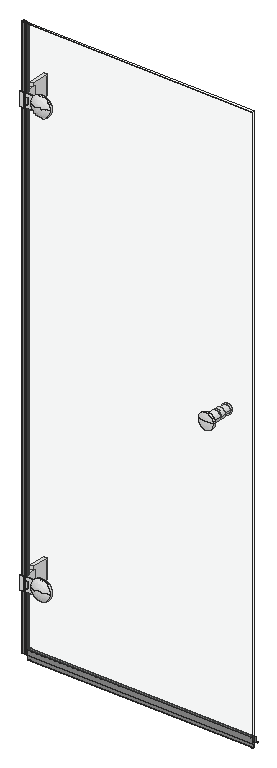
Revit family "Sanitary_Shower-screens_Duscholux_Pure-Style_Auriga_Separator-Pivot-door-bath", category Plumbing Fixtures, Revit 2016
Family settings
  Part Type = Normal
  Round Connector Dimension = Use Diameter
  OmniClass Number = 23.45.00.00
  OmniClass Title = Sanitary, Laundry, and Cleaning Equipment
  Work Plane-Based = No
  Always vertical = Yes
  Cut with Voids When Loaded = No
  Shared = No
  Room Calculation Point = No
Parameters (values of type "Silver Matt Aluminium Finish")
  Width = 600 mm
  Uniclass 2015 Description = "Shower Enclosures"
  Uniclass 2015 Code = "PR-40-20-06-79"
  URL = "http://www.duscholux.es/"
  UNSPSC Code = "30181507"
  Thickness Glass = 6 mm  # constant formula
  Technical Inspection Certificate (Applus) = "http://www.duscholux.es/resources/custom/var/APPLUS_en.pdf"
  Series = "Pure Style"
  Region South America = "Consult"
  Region Oceania = "Consult"
  Region North America = "Consult"
  Region Middle East = "Consult"
  Region Europe = "AD, ES, FR, PT"
  Region Asia = "Consult"
  Region Antartica = "Consult"
  Region Africa = "Consult"
  Ref. = "4GL / 4GR"
  Products = "http://www.duscholux.es/mamparas_filtro.aspx?es"
  Product group = "Separator for bath"
  Product family = "Pure Style"
  Openning angle = 0.00°
  Opening System Image = "http://blob.duscholux.es/pluma512/SBIzq1pabatible180.gif"
  Opening System = "Pivot Door"
  Net Weight (Kg) = 21
  NBS Reference Description = "Shower Enclosures"
  NBS Reference Code = "45-35-70"
  Model = "Auriga"
  Min Max Width = if(Width < 400 mm, 400 mm, if(Width > 1000 mm, 1000 mm, Width))  # 600 mm
  Min Max Openning angle = if(Openning angle < -90.00°, -90.00°, if(Openning angle > 90.00°, 90.00°, Openning angle))  # 0.00°
  Max Height = if(Height < 1400 mm, 1400 mm, if(Height > 1600 mm, 1600 mm, Height))  # 1500 mm
  Manufacturer name = "Duscholux Ibérica, S.A."
  Manufacturer country = "Spain"
  Maintenance and Cleaning = "http://www.duscholux.es/mamparas_limpieza.aspx?en"
  Image = "http://www.duscholux.es/resources/custom/img/mamparas/PURE%20STYLE/modelos/0F1PSBA/mampara_h.jpg"
  IFC Classification = "Furnishing Element"
  Height = 1500 mm
  Handle Material = Chrome_Finish
  Handle Height = (Max Height / 2) + Bath Height  # 1200 mm
  Glass in Building UNE EN 12150 = "CE Conformity marking"
  Glass Material = Glass_Material-Duscholux
  Frame Material = Silver Matt Aluminium Finish
  Fact Sheet = "http://blob.duscholux.es/enpdf2018/Auriga1PSB.pdf"
  Manufacturer = "Duscholux Ibérica, S.A."
  Environmental Management ISO 14001 = "ECOEMBES Certificate"
  Edition number = "1"
  Door aperture = Min Max Width - 4 mm  # 596 mm
  Design country = "Spain / Germany"
  Description = "Pivot door at 180° for bath"
  Date of publishing = ""
  Assembly Code = "C1030200"
  Configuration enclosure = "http://configuratumampara.duscholux.es/eCatalogo.aspx"
  Components = "Eropean components"
  Type Comments = ""
  Combinations = "Hinge and handle to choice (Round, square or triangular)"
  Certified Quality UNE EN 14428 = "http://www.duscholux.es/duscholux_downloads.aspx?es"
  COBIe Type Category = ""
  Brand = "Duscholux"
  Bath Height = 450 mm
  Accesories Material = Chrome_Finish
Types (3, lengths in mm): name | Width | Min Max Width | Max Height | Height | Handle Height | Frame Material | Door aperture | Bath Height
  (no name) | 600 | 600 | 1500 | 1500 | 1200 | Silver Matt Aluminium Finish | 596 | 450
  Silver Matt Aluminium Finish | 600 | 600 | 1500 | 1500 | 1200 | Silver Matt Aluminium Finish | 596 | 450
  Platinum Aluminium Finish | 700 | 700 | 1400 | 1300 | 1100 | Platinum Aluminium Finish | 696 | 400
Reference planes
  plane 1 "Centro (Frontal/Posterior)": y = 0
  plane 2: z = 0
  plane 3 "Centro (Izquierda/Derecha)": x = 0
  plane 4: z = 1950
  plane 5: z = 1200
  plane 6: z = 0
  plane 7: x = 4
  plane 8: y = 0
  plane 9: y = 6
  plane 10: x = 600
  plane 11: z = 450
  plane 12: z = 464
  plane 13: z = 630
  plane 14: z = 463
  plane 15: z = 1770
Forms (mm)
  Extrusion 1, solid, material "Glass_Material-Duscholux" <- "Glass Material"
    sketch origin (4, 0, 0) x (1, 0, 0) y (0, 1, 0)
      loop
        line (-4, 0) -> (596, 0) -> (596, 6) -> (-4, 6) -> (-4, 0)
    from 464 to 1950
  Extrusion 2, solid, material "Plástico, transparente"
    sketch origin (4, 0, 0) x (1, 0, 0) y (0, 1, 0)
      loop
        line (-12.6, -1.2) -> (1, -1.2) -> (1, -0.2) -> (-4, -0.2) -> (-4, 6.2) -> (1, 6.2) -> (1, 7.2) -> (-12.6, 7.2)
        arc (-12.6, 7.2) -> (-14, 3) -> (-12.6, -1.2) r 7
      loop
        line (-12.344, -0.7) -> (-5, -0.7) -> (-5, 6.7) -> (-12.344, 6.7)
        arc (-12.344, 6.7) -> (-13.5, 3) -> (-12.344, -0.7) r 6.5
    from 463 to 612.5
  Extrusion 3, solid, material "Plástico, transparente"
    sketch origin (4, 0, 0) x (1, 0, 0) y (0, 1, 0)
      loop
        line (-12.6, -1.2) -> (1, -1.2) -> (1, -0.2) -> (-4, -0.2) -> (-4, 6.2) -> (1, 6.2) -> (1, 7.2) -> (-12.6, 7.2)
        arc (-12.6, 7.2) -> (-14, 3) -> (-12.6, -1.2) r 7
      loop
        line (-12.344, -0.7) -> (-5, -0.7) -> (-5, 6.7) -> (-12.344, 6.7)
        arc (-12.344, 6.7) -> (-13.5, 3) -> (-12.344, -0.7) r 6.5
    from 647.5 to 1752.5
  Extrusion 4, solid, material "Plástico, transparente"
    sketch origin (4, 0, 0) x (1, 0, 0) y (0, 1, 0)
      loop
        line (-12.6, -1.2) -> (1, -1.2) -> (1, -0.2) -> (-4, -0.2) -> (-4, 6.2) -> (1, 6.2) -> (1, 7.2) -> (-12.6, 7.2)
        arc (-12.6, 7.2) -> (-14, 3) -> (-12.6, -1.2) r 7
      loop
        line (-12.344, -0.7) -> (-5, -0.7) -> (-5, 6.7) -> (-12.344, 6.7)
        arc (-12.344, 6.7) -> (-13.5, 3) -> (-12.344, -0.7) r 6.5
    from 1787.5 to 1950
Lines and regions (mm)
  reference lines
    curve 1: line (4, 0, 0) -> (600, 0, 0)
  symbolic lines
    curve 2: line (4, 0, 0) -> (4, 596, 0)
    curve 3: line (4, -321.399, 0) -> (4, 0, 0)
    curve 4: line (4, 0, 0) -> (4, -405, 0)
    curve 5: line (4, 0, 0) -> (4, -596, 0)
    curve 6: arc (4, 596, 0) -> (600, 0, 0) -> (4, -596, 0) r 596
Dimensions and locks
  locked: plane 3 "Centro (Izquierda/Derecha)" to plane 7 at 4
  locked: plane 12 to plane 11 at 14
  "Bath Height": plane 11 to level
  "Max Height": plane 4 to plane 11
  "Handle Height": plane 5 to level
  "Door aperture": curve 1 to curve 1
  locked: plane 13 to plane 11 at 180
  locked: plane 12 to plane 14 at 1
  "Min Max Width": plane 3 "Centro (Izquierda/Derecha)" to plane 10
  locked: plane 4 to plane 15 at 180
  locked: plane 15 to Extrusion 3 at 17.5
  locked: Extrusion 4 to plane 15 at 17.5
  locked: Extrusion 3 to plane 13 at 17.5
  locked: plane 13 to Extrusion 2 at 17.5
  locked: nested 6 to Extrusion 1 at 100
  "Door aperture": curve 2 to curve 2
  "Door aperture": curve 5 to curve 5
  "Min Max Openning angle": angle curve 1 to plane 8
  aligned and locked: level to plane 2
  aligned and locked: plane 7 to curve 1
  aligned and locked: plane 8 to curve 1
  aligned and locked: plane 4 to Extrusion 1
  aligned and locked: nested 5 to Extrusion 2
  aligned and locked: Extrusion 1 to Extrusion 4
  aligned and locked: Extrusion 1 to plane 12
  aligned and locked: nested 4 to plane 13
  aligned and locked: Extrusion 2 to plane 14
  aligned and locked: plane 15 to nested 2
  aligned and locked: nested 3 to plane 15
  aligned and locked: plane 13 to nested 1
  aligned and locked: nested 6 to plane 5
  aligned and locked: nested 7 to nested 6
  aligned and locked: nested 7 to plane 5
  aligned and locked: Extrusion 1 to nested 5
Automatic sketch dimensions
  Extrusion 1 sketch curve to curve 1 = 0 mm  (x2)
  curve 1 to Extrusion 1 sketch curve = 6 mm
  Extrusion 1 sketch curve to curve 1 = 4 mm
  Extrusion 2 sketch curve to Extrusion 2 sketch curve = 0 mm  (x3)
  Extrusion 2 sketch curve to curve 1 = 12.6 mm
  curve 1 to Extrusion 2 sketch curve = 1.2 mm
  Extrusion 2 sketch curve to Extrusion 2 sketch curve = 0.256 mm  (x2)
  Extrusion 2 sketch curve to Extrusion 2 sketch curve = 5.344 mm
  Extrusion 2 sketch curve to Extrusion 2 sketch curve = 2 mm
  curve 1 to Extrusion 2 sketch curve = 0.2 mm
  Extrusion 2 sketch curve to Extrusion 2 sketch curve = 1 mm
  curve 1 to Extrusion 2 sketch curve = 1 mm  (x2)
  curve 1 to Extrusion 2 sketch curve = 0.7 mm
  Extrusion 2 sketch curve to curve 1 = 3 mm
  curve 1 to Extrusion 2 sketch curve = 6.2 mm
  Extrusion 3 sketch curve to Extrusion 3 sketch curve = 0 mm  (x3)
  Extrusion 3 sketch curve to curve 1 = 12.6 mm
  curve 1 to Extrusion 3 sketch curve = 1.2 mm
  Extrusion 3 sketch curve to Extrusion 3 sketch curve = 0.256 mm  (x2)
  Extrusion 3 sketch curve to Extrusion 3 sketch curve = 5.344 mm
  Extrusion 3 sketch curve to Extrusion 3 sketch curve = 2 mm
  curve 1 to Extrusion 3 sketch curve = 0.2 mm
  Extrusion 3 sketch curve to Extrusion 3 sketch curve = 1 mm
  curve 1 to Extrusion 3 sketch curve = 1 mm  (x2)
  curve 1 to Extrusion 3 sketch curve = 0.7 mm
  Extrusion 3 sketch curve to curve 1 = 3 mm
  curve 1 to Extrusion 3 sketch curve = 6.2 mm
  Extrusion 4 sketch curve to Extrusion 4 sketch curve = 0 mm  (x3)
  Extrusion 4 sketch curve to curve 1 = 12.6 mm
  curve 1 to Extrusion 4 sketch curve = 1.2 mm
  Extrusion 4 sketch curve to Extrusion 4 sketch curve = 0.256 mm  (x2)
  Extrusion 4 sketch curve to Extrusion 4 sketch curve = 5.344 mm
  Extrusion 4 sketch curve to Extrusion 4 sketch curve = 2 mm
  curve 1 to Extrusion 4 sketch curve = 0.2 mm
  Extrusion 4 sketch curve to Extrusion 4 sketch curve = 1 mm
  curve 1 to Extrusion 4 sketch curve = 1 mm  (x2)
  curve 1 to Extrusion 4 sketch curve = 0.7 mm
  Extrusion 4 sketch curve to curve 1 = 3 mm
  curve 1 to Extrusion 4 sketch curve = 6.2 mm
  curve 2 to curve 1 = 0 mm
  curve 6 to curve 1 = 0 mm
  curve 4 to curve 1 = 405 mm
  curve 3 to curve 1 = 321.399 mm
Nested families
  nested 1: "Hinge (Wall)" at (0, 0, 605), type "Hinge (Wall)"
  nested 2: "Hinge (Wall)" at (0, 0, 1745), type "Hinge (Wall)"
  nested 3: "Hinge (Glass)" at (0, 0, 1770) x (1, 0, 0) z (0, -1, 0), type "Hinge (Glass)"
  nested 4: "Hinge (Glass)" at (0, 0, 630) x (1, 0, 0) z (0, -1, 0), type "Hinge (Glass)"
  nested 5: "Lower-Guide" at (600, -0.2, 464) x (-1, 0, 0) z (0, 0, 1), type "Lower-Guide", detail levels fine
    with built-in parameter 1001306 1.9521 (stored number, unit not read)
  nested 6: "Int.-Handle-Purestyle" at (500, 6, 1200) x (-1, 0, 0) z (0, 1, 0), type "Int.-Handle-Purestyle", detail levels medium+fine
  nested 7: "Ext.-Handle-Purestyle" at (500, 0, 1200) x (1, 0, 0) z (0, -1, 0), type "Ext.-Handle-Purestyle", detail levels medium+fine
Definition of nested family "Hinge (Wall)"
  Parameters (values of type "pletina pared")
    Material Accesorios = none
    Accesories Material = none
  Reference planes
    plane 1 "Centro (Frontal/Posterior)": y = 0
    plane 2: z = 0
    plane 3 "Centro (Izquierda/Derecha)": x = 0
    plane 4: z = 50
    plane 5: z = 42.5
    plane 6: z = 7.5
    plane 7: z = 25
  Forms (mm)
    Extrusion 1, solid, material <- "Accesories Material"
      sketch origin (0, 0, 0) x (1, 0, 0) y (0, 1, 0)
        loop
          line (-3.514, 75) -> (-10, 75) -> (-10, -4) -> (0, -4) -> (0, 32) -> (-1.514, 32) -> (-1.514, 73)
          arc (-1.514, 73) -> (-2.1, 74.414) -> (-3.514, 75) r 2
      from 0 to 50
    Extrusion 2, void
      sketch origin (0, 0, 0) x (1, 0, 0) y (0, 1, 0)
        loop
          line (-10, -4) -> (0, -4) -> (0, 32) -> (-1.514, 32) -> (-10, 26.002) -> (-10, -4)
      from 42.5 to 50
    Extrusion 3, void
      sketch origin (0, 0, 0) x (1, 0, 0) y (0, 1, 0)
        loop
          line (-10, 26.002) -> (-10, -4) -> (0, -4) -> (0, 32) -> (-1.514, 32) -> (-10, 26.002)
      from 0 to 7.5
  Cuts and joins
    Extrusion 2, Extrusion 3 cuts Extrusion 1
  Dimensions and locks
    equal spacing: plane 4, plane 7, level
    aligned and locked: level to plane 2
    aligned and locked: plane 4 to Extrusion 1
    aligned and locked: Extrusion 2 to Extrusion 1
    aligned and locked: Extrusion 2 to plane 5
    aligned and locked: Extrusion 3 to level
    aligned and locked: plane 6 to Extrusion 3
    aligned and locked: Extrusion 1 to Extrusion 2
    aligned and locked: Extrusion 1 to Extrusion 3
  Automatic sketch dimensions
    Extrusion 1 sketch curve to plane 3 "Centro (Izquierda/Derecha)" = 0 mm
    Extrusion 1 sketch curve to plane 3 "Centro (Izquierda/Derecha)" = 1.514 mm
    Extrusion 1 sketch curve to Extrusion 1 sketch curve = 2 mm
    plane 1 "Centro (Frontal/Posterior)" to Extrusion 1 sketch curve = 4 mm
    Extrusion 1 sketch curve to plane 3 "Centro (Izquierda/Derecha)" = 10 mm
    Extrusion 1 sketch curve to plane 1 "Centro (Frontal/Posterior)" = 32 mm
    Extrusion 1 sketch curve to Extrusion 1 sketch curve = 41 mm
    Extrusion 2 sketch curve to plane 3 "Centro (Izquierda/Derecha)" = 0 mm
    Extrusion 2 sketch curve to plane 3 "Centro (Izquierda/Derecha)" = 1.514 mm
    plane 1 "Centro (Frontal/Posterior)" to Extrusion 2 sketch curve = 4 mm
    Extrusion 2 sketch curve to plane 3 "Centro (Izquierda/Derecha)" = 10 mm
    Extrusion 2 sketch curve to plane 1 "Centro (Frontal/Posterior)" = 26.002 mm
    Extrusion 2 sketch curve to Extrusion 2 sketch curve = 5.998 mm
    Extrusion 3 sketch curve to plane 3 "Centro (Izquierda/Derecha)" = 0 mm
    Extrusion 3 sketch curve to plane 3 "Centro (Izquierda/Derecha)" = 1.514 mm
    Extrusion 3 sketch curve to plane 3 "Centro (Izquierda/Derecha)" = 10 mm
    plane 1 "Centro (Frontal/Posterior)" to Extrusion 3 sketch curve = 4 mm
    Extrusion 3 sketch curve to plane 1 "Centro (Frontal/Posterior)" = 26.002 mm
    Extrusion 3 sketch curve to Extrusion 3 sketch curve = 5.998 mm
Definition of nested family "Hinge (Glass)"
  Parameters (values of type "pletina cristal")
    Default Elevation = 1219.2 mm
    Accesories Material = none
  Reference planes
    plane 1 "Centro (Frontal/Posterior)": y = 0
    plane 2: z = 0
    plane 3 "Centro (Izquierda/Derecha)": x = 0
    plane 4: y = 17.5
    plane 5: y = -17.5
    plane 6: x = 43.993
  Forms (mm)
    Extrusion 1, solid
      sketch origin (0, 0, 0) x (1, 0, 0) y (0, 1, 0)
        loop
          line (-1219.2, 1219.2) -> (-1219.2, -1219.2) -> (1219.2, -1219.2) -> (1219.2, 1219.2) -> (-1219.2, 1219.2)
      from 0 to -304.8
    Extrusion 2, solid, material <- "Accesories Material"
      sketch origin (0.8, 0, 0) x (1, 0, 0) y (0, 1, 0)
        loop
          line (-0.8, 17.5) -> (-0.8, -17.5) -> (24.777, -17.5)
          arc (24.777, -17.5) -> (69.993, 0) -> (24.777, 17.5) r 25.995
          line (24.777, 17.5) -> (-0.8, 17.5)
        loop
          line (3.2, 9.5) -> (3.2, -9.5) -> (12.7, -9.5) -> (12.7, 9.5) -> (3.2, 9.5)
      from 0 to 4
    Revolve 3, solid, material <- "Accesories Material"
      sketch origin (0.8, 0, 0) x (1, 0, 0) y (0, 0, 1)
        loop
          arc (69.993, 4) -> (57.6, 9.978) -> (43.993, 12.031) r 46.1
          line (43.993, 12.031) -> (43.993, 4) -> (69.993, 4)
        axis (43.993, 12.031) -> (43.993, 4)
      angle from 0 to 360
    Extrusion 4, void
      sketch origin (0, 0, 0) x (1, 0, 0) y (0, 0, 1)
        loop
          arc (0, 0) -> (1.172, 2.828) -> (4, 4) r 4
          line (4, 4) -> (0, 4) -> (0, 0)
      from -17.5 to 250
  Cuts and joins
    Extrusion 4 cuts Extrusion 2
    Extrusion 4 cuts Revolve 3
    joined: Extrusion 2, Revolve 3
  Dimensions and locks
    aligned and locked: plane 2 to Extrusion 1
    aligned and locked: level to Extrusion 1
    aligned and locked: Extrusion 2 to plane 3 "Centro (Izquierda/Derecha)"
    aligned and locked: cut or joined group of Extrusion 2, Revolve 3, Extrusion 4 to cut or joined group of Extrusion 2, Revolve 3, Extrusion 4
Definition of nested family "Lower-Guide"
  Parameters (values of type "1085-MA")
    built-in parameter 1001306 [instance] = 1200 mm
  Reference planes
    plane 1 "Centro (Frontal/Posterior)": y = 0
    plane 2: z = 0
    plane 3 "Izquierda": x = 0
    plane 4 "Derecha": x = 1200
  Forms (mm)
    Extrusion 1, solid
      sketch origin (0, 3.2, 0) x (0, 1, 0) y (0, 0, 1)
        loop
          line (4.2, -0.375) -> (4.2, 12.082) -> (3.2, 12.082) -> (3.2, 0) -> (-3.2, 0) -> (-3.2, 12.082) -> (-4.2, 12.082) -> (-4.2, -1) -> (-0.5, -1) -> (-0.5, -13.5)
          arc (-0.5, -13.5) -> (0, -14) -> (0.5, -13.5) r 0.5
          line (0.5, -13.5) -> (0.5, -1) -> (3.563, -1) -> (11.185, -5.692) -> (11.639, -4.954) -> (4.2, -0.375)
      from 0 to 1200
  Lines and regions (mm)
    reference lines
      curve 1: line (0, 3.2, 0) -> (1200, 3.2, 0)
  Dimensions and locks
    "built-in parameter 1001306": plane 3 "Izquierda" to plane 4 "Derecha"
    aligned and locked: plane 4 "Derecha" to curve 1
    aligned and locked: plane 3 "Izquierda" to curve 1
    aligned and locked: level to plane 2
    aligned and locked: plane 4 "Derecha" to Extrusion 1
    aligned and locked: Extrusion 1 to plane 3 "Izquierda"
  Automatic sketch dimensions
    Extrusion 1 sketch curve to level = 0 mm
    Extrusion 1 sketch curve to plane 1 "Centro (Frontal/Posterior)" = 3.2 mm
    Extrusion 1 sketch curve to plane 1 "Centro (Frontal/Posterior)" = 2.7 mm
    Extrusion 1 sketch curve to Extrusion 1 sketch curve = 2.7 mm
    Extrusion 1 sketch curve to Extrusion 1 sketch curve = 1 mm
    Extrusion 1 sketch curve to plane 1 "Centro (Frontal/Posterior)" = 6.4 mm
    Extrusion 1 sketch curve to Extrusion 1 sketch curve = 0.363 mm
    Extrusion 1 sketch curve to level = 0.375 mm
    Extrusion 1 sketch curve to Extrusion 1 sketch curve = 0.637 mm
    Extrusion 1 sketch curve to level = 1 mm  (x2)
    Extrusion 1 sketch curve to level = 5.692 mm
    Extrusion 1 sketch curve to Extrusion 1 sketch curve = 12.5 mm
    Extrusion 1 sketch curve to Extrusion 1 sketch curve = 12.082 mm
    Extrusion 1 sketch curve to Extrusion 1 sketch curve = 0 mm
    Extrusion 1 sketch curve to level = 4.954 mm
    curve 1 to plane 1 "Centro (Frontal/Posterior)" = 3.2 mm
Definition of nested family "Int.-Handle-Purestyle"
  Parameters (values of type "Int.-Handle-Purestyle")
    Handle Material = none
    Default Elevation = 1219.2 mm
  Reference planes
    plane 1 "Centro (Frontal/Posterior)": y = 0
    plane 2: z = 0
    plane 3 "Centro (Izquierda/Derecha)": x = 0
    plane 4: z = 10
    plane 5: z = 30
    plane 6: z = 33
  Forms (mm)
    Extrusion 1, solid
      sketch origin (0, 0, 0) x (1, 0, 0) y (0, 1, 0)
        loop
          line (-1219.2, 1219.2) -> (-1219.2, -1219.2) -> (1219.2, -1219.2) -> (1219.2, 1219.2) -> (-1219.2, 1219.2)
      from 0 to -304.8
    Extrusion 2, solid, material <- "Handle Material"
      sketch origin (0, 0, 0) x (1, 0, 0) y (0, 1, 0)
        loop
          circle (0, 0) r 12.518
      from 0 to 10
    Extrusion 3, solid, material <- "Handle Material"
      sketch origin (0, 0, 0) x (1, 0, 0) y (0, 1, 0)
        loop
          circle (0, 0) r 10
      from 10 to 30
    Extrusion 4, solid, material <- "Handle Material"
      sketch origin (0, 0, 0) x (1, 0, 0) y (0, 1, 0)
        loop
          circle (0, 0) r 12.518
      from 30 to 33
  Cuts and joins
    joined: Extrusion 2, Extrusion 3, Extrusion 4
  Dimensions and locks
    aligned and locked: plane 2 to Extrusion 1
    aligned and locked: level to Extrusion 1
    aligned and locked: Extrusion 3 to Extrusion 2
    aligned and locked: Extrusion 4 to Extrusion 3
    aligned and locked: plane 6 to Extrusion 4
Definition of nested family "Ext.-Handle-Purestyle"
  Parameters (values of type "Ext.-Handle-Purestyle")
    Handle Material = none
    Default Elevation = 1219.2 mm
  Reference planes
    plane 1 "Centro (Frontal/Posterior)": y = 0
    plane 2: z = 0
    plane 3 "Centro (Izquierda/Derecha)": x = 0
    plane 4: z = 25
    plane 5: z = 30
    plane 6: z = 27.5
  Forms (mm)
    Extrusion 1, solid
      sketch origin (0, 0, 0) x (1, 0, 0) y (0, 1, 0)
        loop
          line (-1219.2, 1219.2) -> (-1219.2, -1219.2) -> (1219.2, -1219.2) -> (1219.2, 1219.2) -> (-1219.2, 1219.2)
      from 0 to -304.8
    Extrusion 2, solid, material <- "Handle Material"
      sketch origin (0, 0, 0) x (1, 0, 0) y (0, 1, 0)
        loop
          circle (0, 0) r 12.542
      from 0 to 25
    Extrusion 3, solid, material <- "Handle Material"
      sketch origin (0, 0, 0) x (1, 0, 0) y (0, 1, 0)
        loop
          circle (0, 0) r 20
      from 25 to 30
    Revolve 4, solid, material <- "Handle Material"
      sketch origin (0, 0, 0) x (1, 0, 0) y (0, 0, 1)
        loop
          line (0, 30) -> (20, 30)
          arc (20, 30) -> (10.059, 31.59) -> (0, 32.01) r 86.26
          line (0, 32.01) -> (0, 30)
        axis (0, 32.01) -> (0, 30)
      angle from 0 to 360
    Revolve 5, solid, material <- "Handle Material"
      sketch origin (0, 0, 55) x (1, 0, 0) y (0, 0, -1)
        loop
          line (0, 30) -> (20, 30)
          arc (20, 30) -> (10.059, 31.59) -> (0, 32.01) r 86.26
          line (0, 32.01) -> (0, 30)
        axis (0, 32.01) -> (0, 30)
      angle from 0 to 360
  Cuts and joins
    joined: Extrusion 2, Extrusion 3, Revolve 4, Revolve 5
  Dimensions and locks
    aligned and locked: plane 2 to Extrusion 1
    aligned and locked: level to Extrusion 1
    aligned and locked: Extrusion 3 to Extrusion 2
    aligned and locked: plane 5 to Extrusion 3
